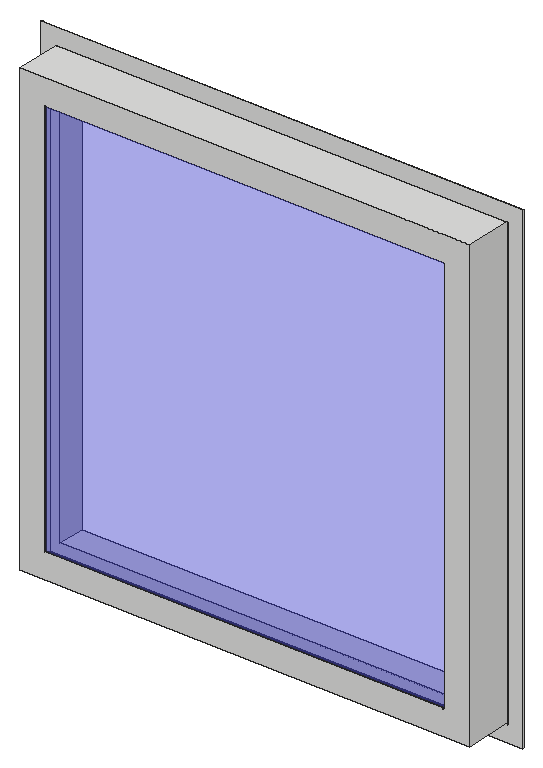
Revit family "Window-All_Weather-Series_6100-Fixed", category Windows, host Wall, Revit 2026
Family settings
  Host = Wall
  Classification Number = 23.30.20.17.11
  Always vertical = Yes
  Cut with Voids When Loaded = No
  Shared = No
  Room Calculation Point = No
Parameters (values of type "Nail On Frame Fixed")
  Wall Thickness [instance] = 0' - 6"
  URL = "https://www.allweatheraa.com"
  Type Comments = "Standard Nail On Frame"  # constant formula
  Rough Width = CD_Width + 0' 0 3/4"  # 3' - 0 3/4"
  Rough Height = CD_Height + 0' 0 3/4"  # 3' - 0 3/4"
  Operation = "Fixed"
  Model = "Fixed"  # constant formula
  Manufacturer = "All Weather Architectural Aluminum"  # constant formula
  Height = CD_Height  # 3' - 0"
  Description = "3 3/4 in Thermally Optimized Window System"  # constant formula
  Default Sill Height = 3' - 0"
  Wall Closure = By host
  Width = CD_Width  # 3' - 0"
  CD_Width Min = 0' - 8"  # constant formula
  CD_Width Max = 4' - 0"  # constant formula
  CD_Width = if(and(CD_Requested Width < CD_Width Max, CD_Requested Width > CD_Width Min), CD_Requested Width, if(or(CD_Requested Width = CD_Width Max, CD_Requested Width > CD_Width Max), CD_Width Max, CD_Width Min))  # 3' - 0"
  CD_Warranty = "https://www.allweatheraa.com/warranties/"
  CD_Vis Mullions Vertical = if(and(CD_Lites Standard Wide < CD_Vis Lites Max, CD_Lites Standard Wide > 2), CD_Lites Standard Wide - 1, if(or(CD_Lites Standard Wide = CD_Vis Lites Max, CD_Lites Standard Wide > CD_Vis Lites Max), CD_Vis Lites Max - 1, 2))  # 2
  CD_Vis Mullions Horizontal = if(and(CD_Lites Standard High < CD_Vis Lites Max, CD_Lites Standard High > 3), CD_Lites Standard High - 1, if(or(CD_Lites Standard High = CD_Vis Lites Max, CD_Lites Standard High > CD_Vis Lites Max), CD_Vis Lites Max - 1, 2))  # 2
  CD_Vis Lites Max = 10  # constant formula
  CD_Vis Jamb Extensions [instance] = and(CD_Jamb Extensions Depth > 0' 0 1/8", CD_Jamb Extension)  # no
  CD_Vis Grille Vertical Single = and(CD_Lites Standard Wide = 2, CD_Grille Standard)  # no
  CD_Vis Grille Vertical Array = and(CD_Lites Standard Wide > 2, CD_Grille Standard)  # no
  CD_Vis Grille Horizontal Array = and(CD_Lites Standard High > 2, CD_Grille Standard)  # no
  CD_Vis Grille Horiontal Single = and(CD_Lites Standard High = 2, CD_Grille Standard)  # no
  CD_Thickness = 0' - 3 25/32"  # constant formula
  CD_Sill Height = 0' - 2"  # constant formula
  CD_Requested Width = 3' - 0"
  CD_Requested Height = 3' - 0"
  CD_Product Page URL = "https://www.allweatheraa.com/product-series-6100/"
  CD_Product Name = "Series 6100"  # constant formula
  CD_Product Documentation Link = "https://www.allweatheraa.com/wp-content/uploads/2021/04/Arch_Manuals/Approved-Series-6100-Architectural-Manual.pdf"
  CD_Offset Mounting = 0' - 0 1/16"  # constant formula
  CD_Offset = 0' - 0"
  CD_Microsite = "https://microsite.caddetails.com/4461"
  CD_Lites Standard Wide = 2
  CD_Lites Standard High = 2
  CD_Jamb Width = 0' - 2"  # constant formula
  CD_Jamb Extensions Depth [instance] = if(CD_Jamb Extensions Calc > 0' 0 1/8", CD_Jamb Extensions Calc, 0' 0 1/8")  # 0' - 2 9/32"
  CD_Jamb Extensions Calc [instance] = Wall Thickness - (CD_Thickness - CD_Offset Mounting) + CD_Offset - CD_Inset  # 0' - 2 9/32"
  CD_Jamb Extension = no
  CD_Inset = 0' - 0"
  CD_Height Min = 0' - 8"  # constant formula
  CD_Height Max = 8' - 0"  # constant formula
  CD_Height = if(and(CD_Requested Height < CD_Height Max, CD_Requested Height > CD_Height Min), CD_Requested Height, if(or(CD_Requested Height = CD_Height Max, CD_Requested Height > CD_Height Max), CD_Height Max, CD_Height Min))  # 3' - 0"
  CD_Head Height = 0' - 2"  # constant formula
  CD_Grille Vertical Offset = ((CD_Grille Horizontal Length - (0' 2" * 2)) / (CD_Vis Mullions Vertical + 1)) + (CD_Grille Size / (CD_Vis Mullions Vertical + 1)) - (CD_Grille Size / 2)  # 0' - 10.13542"
  CD_Grille Vertical Length = CD_Height  # 3' - 0"
  CD_Grille Standard = no
  CD_Grille Size = 0' - 3 3/16"  # constant formula
  CD_Grille Horizontal Offset = ((CD_Grille Vertical Length - (0' 2" * 2)) / (CD_Vis Mullions Horizontal + 1)) + (CD_Grille Size / (CD_Vis Mullions Horizontal + 1)) - (CD_Grille Size / 2)  # 0' - 10.13542"
  CD_Grille Horizontal Length = CD_Width  # 3' - 0"
  CD_Glass Thickness = 0' - 1"  # constant formula
  CD_Glass Offset = 0' - 2 3/8"  # constant formula
  CD_Glass Inset = 0' - 0 229/256"  # constant formula
  CD_Finish Glass = Glass-All_Weather-OA-Insulated_Glass
  CD_Finish = Metal-Aluminum-All_Weather-Anodized-Clear-Class_I
  Assembly Code = "B2020110"
Reference planes (in)
  plane 1 "Center (Front/Back)": y = 0
  plane 2: z = 0
  plane 3 "Center (Left/Right)": x = 0
  plane 4 "Left": x = -18
  plane 5 "Right": x = 18
  plane 6 "Sill": z = 36
  plane 7 "Top": z = 72
  plane 8 "Inset": y = 3
  plane 9 "Nail Fin": y = 3
  plane 10 "Front": y = 3.0625
  plane 11 "Back": y = -0.71875
  plane 12 "Jamb Ext": y = -0.71875
  plane 13 "Glass Front": y = 0.6875
  plane 14 "Glass Back": y = -0.3125
  plane 15 "Glass Left": x = -16.89453
  plane 16 "Inside Left": x = -16
  plane 17 "Glass Right": x = 16.89453
  plane 18 "Inside Right": x = 16
  plane 19 "Glass Bottom": z = 37.10547
  plane 20 "Inside Bottom": z = 38
  plane 21 "Glass Top": z = 70.89453
  plane 22 "Inside Top": z = 70
  plane 23 "Center (Elevation)": z = 54
  plane 24 "Vertical Grille Offset": x = 5.86458
  plane 25 "Vertical Grille Spacing": x = -5.86458
  plane 26 "Horizontal Grille Spacing": z = 59.86458
  plane 27 "Horizontal Grille Offset": z = 48.13542
Forms (in)
  Extrusion 1, solid, material "Glass-All_Weather-OA-Insulated_Glass" <- "CD_Finish Glass", detail levels medium+fine
    sketch origin (0, 0.99806, 36) x (0, -1, 0) y (1, 0, 0)
      loop
        line (0.31056, -16.89453) -> (0.42866, -16.89453) -> (0.42866, 16.89453) -> (0.31056, 16.89453) -> (0.31056, -16.89453)
      loop
        line (1.19243, -16.89453) -> (1.31056, -16.89453) -> (1.31056, 16.89453) -> (1.19243, 16.89453) -> (1.19243, -16.89453)
    from 1.10547 to 34.89453
  Sweep 2, solid, material "Metal-Aluminum-All_Weather-Anodized-Clear-Class_I" <- "CD_Finish", detail levels medium+fine
    path origin (0, 3.0625, 0) x (-1, 0, 0) y (0, 0, 1)
      loop
        line (-18, 36) -> (18, 36) -> (18, 72) -> (-18, 72) -> (-18, 36)
    profile origin (18, 3.0625, 54) x (1, 0, 0) y (0, 1, 0)
      loop
        line (0, -3.78125) -> (0, 0) -> (-1.92177, 0) -> (-1.92177, -2.21058) -> (-1.10549, -2.21058) -> (-1.10549, -3.56474) -> (-1.92123, -3.56474) -> (-1.92123, -3.74191) -> (-1.9998, -3.74191) -> (-1.9998, -3.78125) -> (0, -3.78125)
  Sweep 3, solid, material "Wood-By_Others", visible <- "CD_Vis Jamb Extensions"
    path origin (0, 1.0625, 0) x (-1, 0, 0) y (0, 0, 1)
      loop
        line (-18, 36) -> (18, 36) -> (18, 72) -> (-18, 72) -> (-18, 36)
    profile origin (0, 1.0625, 36) x (0, 0, 1) y (0, 1, 0)
      loop
        line (0, -1.78125) -> (0, -4.0625) -> (0.812, -4.0625) -> (0.812, -1.78125) -> (0, -1.78125)
  Sweep 4, solid, material "Metal-Aluminum-All_Weather-Anodized-Clear-Class_I" <- "CD_Finish", detail levels fine
    path origin (0, 3.0625, 0) x (-1, 0, 0) y (0, 0, 1)
      loop
        line (-18, 72) -> (-18, 36) -> (18, 36) -> (18, 72) -> (-18, 72)
    profile origin (0, 3.0625, 72) x (0, 0, 1) y (0, 1, 0)
      loop
        line (0, 0) -> (0, -0.0625) -> (1.31364, -0.0625) -> (1.31364, 0) -> (0.06224, 0) -> (0.13888, 0.87605) -> (0.33257, 0.87605) -> (0.33257, 0.6568) -> (0.39457, 0.6568) -> (0.39457, 0.93805) -> (0.08207, 0.93805) -> (0, 0)
  Extrusion 5, solid, material "Metal-Aluminum-All_Weather-Anodized-Clear-Class_I" <- "CD_Finish", detail levels coarse
    sketch origin (0, 3.0625, 0) x (-1, 0, 0) y (0, 0, 1)
      loop
        line (-18, 72) -> (-18, 36) -> (18, 36) -> (18, 72) -> (-18, 72)
      loop
        line (-16, 70) -> (-16, 38) -> (16, 38) -> (16, 70) -> (-16, 70)
    from -3.78125 to 0
  Extrusion 6, solid, material "Glass-All_Weather-OA-Insulated_Glass" <- "CD_Finish Glass", detail levels coarse
    sketch origin (0, 0, 36) x (0, -1, 0) y (1, 0, 0)
      loop
        line (0.3125, -16) -> (0.3125, 16) -> (-0.6875, 16) -> (-0.6875, -16) -> (0.3125, -16)
    from 2 to 34
Lines and regions (in)
  Opening 1
    outline origin (-60, -3, 0) x (1, 0, 0) y (0, 0, 1)
      loop
        line (42, 72) -> (42, 36) -> (78, 36) -> (78, 72) -> (42, 72)
  Masking region 1, visible <- "CD_Vis Jamb Extensions"
    outline origin (0, 0, 36) x (0, -1, 0) y (1, 0, 0)
      loop
        line (0.71875, -18) -> (3, -18) -> (3, -17.188) -> (0.71875, -17.188) -> (0.71875, -18)
      loop
        line (0.71875, 18) -> (0.71875, 17.188) -> (3, 17.188) -> (3, 18) -> (0.71875, 18)
  Masking region 2, visible <- "CD_Vis Jamb Extensions"
    outline origin (0, 0, 0) x (0, 1, 0) y (0, 0, 1)
      loop
        line (-3, 72) -> (-3, 71.188) -> (-0.71875, 71.188) -> (-0.71875, 72) -> (-3, 72)
      loop
        line (-3, 36) -> (-0.71875, 36) -> (-0.71875, 36.812) -> (-3, 36.812) -> (-3, 36)
Text (in)
  text "EXTERIOR" at (-58.6888, 50.90694, 0), in view "Ref. Level"
  text "INTERIOR" at (-58.6888, -37.76638, 0), in view "Ref. Level"
  text "Exterior" at (0, 43.65631, 123.19604), in view "Left"
  text "Exterior" at (0, 18.29385, 125.04747), in view "Right"
Dimensions and locks (in)
  equal spacing: plane 4 "Left", plane 3 "Center (Left/Right)", plane 5 "Right"
  "Width": plane 4 "Left" to plane 5 "Right"
  "Height": plane 6 "Sill" to plane 7 "Top"
  "Default Sill Height": plane 2 to plane 6 "Sill"
  "CD_Thickness": plane 10 "Front" to plane 11 "Back"
  "CD_Inset": host wall to plane 8 "Inset"
  "CD_Offset": plane 9 "Nail Fin" to plane 8 "Inset"
  "Wall Thickness": host wall to host wall
  "CD_Jamb Width": plane 4 "Left" to plane 16 "Inside Left"
  "CD_Jamb Width": plane 18 "Inside Right" to plane 5 "Right"
  "CD_Glass Inset": plane 19 "Glass Bottom" to plane 20 "Inside Bottom"
  "CD_Glass Inset": plane 22 "Inside Top" to plane 21 "Glass Top"
  equal spacing: plane 6 "Sill", plane 23 "Center (Elevation)", plane 7 "Top"
  "CD_Jamb Extensions Depth": host wall to plane 12 "Jamb Ext"
  locked: plane 4 "Left" to Masking region 1 sketch curve at 0.812
  locked: Masking region 1 sketch curve to plane 5 "Right" at 0.812
  locked: Masking region 2 sketch curve to plane 7 "Top" at 0.812
  locked: plane 6 "Sill" to Masking region 2 sketch curve at 0.812
  "CD_Glass Thickness": plane 13 "Glass Front" to plane 14 "Glass Back"
  "CD_Grille Vertical Offset": plane 25 "Vertical Grille Spacing" to plane 16 "Inside Left"
  "CD_Grille Vertical Offset": plane 18 "Inside Right" to plane 24 "Vertical Grille Offset"
  "CD_Glass Inset": plane 15 "Glass Left" to plane 16 "Inside Left"
  "CD_Glass Inset": plane 18 "Inside Right" to plane 17 "Glass Right"
  "CD_Grille Horizontal Offset": plane 20 "Inside Bottom" to plane 27 "Horizontal Grille Offset"
  "CD_Grille Horizontal Offset": plane 26 "Horizontal Grille Spacing" to plane 22 "Inside Top"
  "CD_Glass Offset": plane 10 "Front" to plane 13 "Glass Front"
  "CD_Offset Mounting": plane 10 "Front" to plane 9 "Nail Fin"
  locked: plane 6 "Sill" to Sweep 3 sketch curve at 0.812
  "CD_Head Height": plane 7 "Top" to plane 22 "Inside Top"
  "CD_Sill Height": plane 20 "Inside Bottom" to plane 6 "Sill"
  Sweep 2 sketch curve to Sweep 2 sketch curve to Sweep 2 sketch curve to Sweep 2 sketch curve to profile plane to Sweep 2 sketch curve = 0' - 0.03934" locked, 0' - 0.17717" locked, 0' - 1.35416" locked, 0' - 2.21058" locked, 0' - 0" locked
  Sweep 2 sketch curve to Sweep 2 sketch curve to Sweep 2 sketch curve to Sweep 2 sketch curve to Sweep 2 sketch curve to profile plane = 0' - 0.07803" locked, 0' - 0.00054" locked, 0' - 0.81574" locked, 0' - 1.10549" locked, 0' - 0" locked
  Sweep 4 sketch curve to profile plane to Sweep 4 sketch curve to Sweep 4 sketch curve to Sweep 4 sketch curve to Sweep 4 sketch curve to Sweep 4 sketch curve = 0' - 0" locked, 0' - 0.08207" locked, 0' - 0.05681" locked, 0' - 0.19369" locked, 0' - 0.062" locked, 0' - 0.91907" locked
  Sweep 4 sketch curve to Sweep 4 sketch curve to Sweep 4 sketch curve to Sweep 4 sketch curve to Sweep 4 sketch curve to profile plane to Sweep 4 sketch curve = 0' - 0.062" locked, 0' - 0.21925" locked, 0' - 0.6568" locked, 0' - 0" locked, 0' - 0" locked, 0' - 0 1/16" locked
  group 2 to group 1 = 0' - 11.72917"
  group 1 to group 2 = 0' - 0"  (x2)
  nested 2 to Extrusion 5 = 0' - 8.54251"
  nested 5 to Extrusion 5 = 0' - 8.54251"
  group 3 to group 4 = 0' - 0"  (x2)
  group 3 to group 4 = 0' - 11.72917"
  locked: Extrusion 1 sketch curve to plane 14 "Glass Back" at 0.11813
  locked: plane 13 "Glass Front" to Extrusion 1 sketch curve at 0.11809
  aligned and locked: plane 7 "Top" to Opening 1 sketch curve
  aligned and locked: plane 6 "Sill" to Opening 1 sketch curve  (x2)
  aligned and locked: plane 5 "Right" to Opening 1 sketch curve
  aligned and locked: plane 4 "Left" to Opening 1 sketch curve
  aligned and locked: level to plane 2
  aligned and locked: Masking region 1 sketch curve to host wall
  aligned and locked: Masking region 1 sketch curve to plane 4 "Left"
  aligned and locked: Masking region 1 sketch curve to plane 12 "Jamb Ext"
  aligned and locked: host wall to Masking region 1 sketch curve
  aligned and locked: Masking region 1 sketch curve to plane 5 "Right"
  aligned and locked: plane 12 "Jamb Ext" to Masking region 1 sketch curve
  aligned and locked: plane 7 "Top" to Masking region 2 sketch curve
  aligned and locked: Masking region 2 sketch curve to host wall
  aligned and locked: Masking region 2 sketch curve to plane 12 "Jamb Ext"
  aligned and locked: plane 6 "Sill" to Masking region 2 sketch curve
  aligned and locked: host wall to Masking region 2 sketch curve
  aligned and locked: plane 12 "Jamb Ext" to Masking region 2 sketch curve
  aligned and locked: Extrusion 1 to plane 19 "Glass Bottom"
  aligned and locked: plane 21 "Glass Top" to Extrusion 1
  aligned and locked: Sweep 2 sketch curve to plane 4 "Left"
  aligned and locked: Sweep 2 sketch curve to plane 6 "Sill"
  aligned and locked: plane 5 "Right" to Sweep 2 sketch curve
  aligned and locked: plane 4 "Left" to Sweep 3 sketch curve
  aligned and locked: Sweep 3 sketch curve to plane 7 "Top"
  aligned and locked: Sweep 3 sketch curve to plane 5 "Right"
  aligned and locked: plane 6 "Sill" to Sweep 3 sketch curve  (x2)
  aligned and locked: host wall to Sweep 3 sketch curve
  aligned and locked: plane 12 "Jamb Ext" to Sweep 3 sketch curve
  aligned and locked: plane 7 "Top" to Sweep 2 sketch curve
  aligned and locked: Sweep 4 sketch curve to host wall  (x4)
  aligned and locked: Extrusion 5 sketch curve to host wall  (x2)
  aligned and locked: Extrusion 5 sketch curve to plane 4 "Left"
  aligned and locked: Extrusion 5 sketch curve to plane 22 "Inside Top"
  aligned and locked: Extrusion 5 sketch curve to plane 18 "Inside Right"
  aligned and locked: plane 20 "Inside Bottom" to Extrusion 5 sketch curve
  aligned and locked: plane 16 "Inside Left" to Extrusion 5 sketch curve
  aligned and locked: Extrusion 5 to plane 11 "Back"
  aligned and locked: plane 10 "Front" to Extrusion 5
  aligned and locked: nested 1 to plane 3 "Center (Left/Right)"
  aligned and locked: nested 2 to plane 24 "Vertical Grille Offset"
  aligned and locked: plane 27 "Horizontal Grille Offset" to nested 4
  aligned and locked: nested 3 to plane 23 "Center (Elevation)"
  aligned and locked: nested 5 to plane 25 "Vertical Grille Spacing"
  aligned and locked: nested 5 to plane 11 "Back"
  aligned and locked: nested 1 to plane 11 "Back"
  aligned and locked: nested 2 to plane 11 "Back"
  aligned and locked: nested 3 to plane 11 "Back"
  aligned and locked: nested 4 to plane 11 "Back"
  aligned and locked: plane 6 "Sill" to nested 2
  aligned and locked: plane 6 "Sill" to nested 1
  aligned and locked: plane 6 "Sill" to nested 5
  aligned and locked: plane 5 "Right" to nested 4
  aligned and locked: plane 5 "Right" to nested 3
  aligned and locked: plane 5 "Right" to nested 6
  aligned and locked: nested 6 to plane 26 "Horizontal Grille Spacing"
  aligned and locked: nested 6 to plane 10 "Front"
  aligned and locked: Extrusion 1 sketch curve to plane 13 "Glass Front"
  aligned and locked: plane 14 "Glass Back" to Extrusion 1 sketch curve
  aligned and locked: Extrusion 6 sketch curve to plane 16 "Inside Left"
  aligned and locked: plane 13 "Glass Front" to Extrusion 6 sketch curve
  aligned and locked: Extrusion 6 sketch curve to plane 14 "Glass Back"
  aligned and locked: plane 18 "Inside Right" to Extrusion 6 sketch curve
  aligned and locked: Extrusion 5 sketch curve to plane 6 "Sill"
  aligned and locked: plane 22 "Inside Top" to Extrusion 6
  aligned and locked: Extrusion 6 to plane 20 "Inside Bottom"
Automatic sketch dimensions
  Sweep 4 sketch curve to Sweep 4 sketch curve = 0' - 0.01983"
  Extrusion 1 sketch curve to plane 15 "Glass Left" = 0' - 0"  (x2)
  Extrusion 1 sketch curve to plane 17 "Glass Right" = 0' - 0"  (x2)
Nested families (in)
  nested 1: "Nested-Mullion-All_Weather" at (0, 0.40625, 36) x (-1, 0, 0) z (0, 0, 1), visible <- "CD_Vis Grille Vertical Single", type "Vertical Mullion"
  nested 2: "Nested-Mullion-All_Weather" at (5.86458, 0.40625, 36) x (-1, 0, 0) z (0, 0, 1), visible <- "CD_Vis Grille Vertical Array", type "Vertical Mullion"
  nested 3: "Nested-Mullion-All_Weather" at (0, 0.40625, 52.48438) x (-1, 0, 0) z (0, 0, 1), visible <- "CD_Vis Grille Horiontal Single", type "Horizontal Mullion"
  nested 4: "Nested-Mullion-All_Weather" at (0, 0.40625, 46.61979) x (-1, 0, 0) z (0, 0, 1), visible <- "CD_Vis Grille Horizontal Array", type "Horizontal Mullion"
  nested 5: "Nested-Mullion-All_Weather" at (-5.86458, 0.40625, 36) x (-1, 0, 0) z (0, 0, 1), visible <- "CD_Vis Grille Vertical Array", type "Vertical Mullion"
  nested 6: "Nested-Mullion-All_Weather" at (0, 0.40625, 58.34896) x (-1, 0, 0) z (0, 0, 1), visible <- "CD_Vis Grille Horizontal Array", type "Horizontal Mullion"
Definition of nested family "Nested-Mullion-All_Weather"
  Parameters (values of type "Horizontal Mullion")
    Width = 3' - 0"
    Vertical = no
    URL = "https://www.allweatheraa.com/"
    Type Comments = "Mullion"  # constant formula
    Model = "Mullion for All Weather Models"  # constant formula
    Manufacturer = "All Weather Architectural Aluminum "  # constant formula
    Horizontal = yes
    Height = 0' - 3 1/32"
    Glass Thickness = 0' - 1"  # constant formula
    Finish = none
    Description = "For use with All Weather Models Only"  # constant formula
    Depth = 0' - 3 25/32"  # constant formula
    Default Elevation = 4' - 0"
    Assembly Code = "B2020110"
    Analytic Construction = "<None>"
  Types (2): name | Width | Vertical | Horizontal | Height
    Horizontal Mullion | 3' - 0" | no | yes | 0' - 3 1/32"
    Vertical Mullion | 0' - 3 1/32" | yes | no | 3' - 0"
  Reference planes (in)
    plane 1 "Center (Front/Back)": y = 0
    plane 2 "Bottom": z = 0
    plane 3 "Center (Left/Right)": x = 0
    plane 4 "Left": x = -18
    plane 5 "Right": x = 18
    plane 6 "Front": y = -1.125
    plane 7 "Back": y = 2.65625
    plane 8 "Top": z = 3.03125
    plane 9 "Center (Elevation)": z = 1.51563
  Forms (in)
    Extrusion 1, solid, material <- "Finish", visible <- "Vertical", detail levels medium+fine
      sketch origin (15.6875, 0, 0) x (1, 0, 0) y (0, 1, 0)
        loop
          line (-14.09459, -1.125) -> (-14.09459, -1.08463) -> (-14.17365, -1.08463) -> (-14.17365, -0.90633) -> (-15.16774, -0.90633) -> (-15.16774, 0.44523) -> (-14.17365, 0.44523) -> (-14.17365, 2.65625) -> (-17.20135, 2.65625) -> (-17.20135, 0.44523) -> (-16.20726, 0.44523) -> (-16.20726, -0.90633) -> (-17.20135, -0.90633) -> (-17.20135, -1.08463) -> (-17.28041, -1.08463) -> (-17.28041, -1.125) -> (-14.09459, -1.125)
      from 0 to 3.03125
    Extrusion 2, solid, material <- "Finish", visible <- "Horizontal", detail levels medium+fine
      sketch origin (0, 0, 6.42023) x (0, 1, 0) y (0, 0, 1)
        loop
          line (-1.125, -3.31169) -> (-1.125, -6.49751) -> (-1.08463, -6.49751) -> (-1.08463, -6.41845) -> (-0.90633, -6.41845) -> (-0.90633, -5.42436) -> (0.44523, -5.42436) -> (0.44523, -6.41845) -> (2.65625, -6.41845) -> (2.65625, -3.39075) -> (0.44523, -3.39075) -> (0.44523, -4.38485) -> (-0.90633, -4.38485) -> (-0.90633, -3.39075) -> (-1.08463, -3.39075) -> (-1.08463, -3.31169) -> (-1.125, -3.31169)
      from -18 to 18
    Extrusion 3, solid, material <- "Finish", visible <- "Vertical", detail levels coarse
      sketch origin (0, 0, 0) x (1, 0, 0) y (0, 1, 0)
        loop
          line (-18, 2.65695) -> (-18, -1.125) -> (18, -1.125) -> (18, 2.65695) -> (-18, 2.65695)
      from 0 to 3.03125
    Extrusion 4, solid, material <- "Finish", visible <- "Horizontal", detail levels coarse
      sketch origin (0, 0, 0) x (0, 1, 0) y (0, 0, 1)
        loop
          line (-1.125, 3.03125) -> (-1.125, 0) -> (2.65625, 0) -> (2.65625, 3.03125) -> (-1.125, 3.03125)
      from -18 to 18
  Lines and regions (in)
    Masking region 1, detail levels coarse
      outline origin (0, 0, 0) x (0, 1, 0) y (0, 0, 1)
        loop
          line (2.65625, 3.03125) -> (-1.125, 3.03125) -> (-1.125, 0) -> (2.65625, 0) -> (2.65625, 3.03125)
    Masking region 2, detail levels medium+fine
      outline origin (0, 0, 0) x (0, 1, 0) y (0, 0, 1)
        loop
          line (-0.90633, 2.03538) -> (-0.90633, 3.02948) -> (-1.08463, 3.02948) -> (-1.08463, 3.10853) -> (-1.125, 3.10853) -> (-1.125, -0.07728) -> (-1.08463, -0.07728) -> (-1.08463, 0.00177) -> (-0.90633, 0.00177) -> (-0.90633, 0.99587) -> (0.44523, 0.99587) -> (0.44523, 0.00177) -> (2.65625, 0.00177) -> (2.65625, 3.02948) -> (0.44523, 3.02948) -> (0.44523, 2.03538) -> (-0.90633, 2.03538)
  Dimensions and locks (in)
    equal spacing: plane 4 "Left", plane 3 "Center (Left/Right)", plane 5 "Right"
    "Width": plane 4 "Left" to plane 5 "Right"
    "Height": plane 8 "Top" to level
    "Depth": plane 7 "Back" to plane 6 "Front"
    equal spacing: plane 8 "Top", plane 9 "Center (Elevation)", level
    Extrusion 1 sketch curve to Extrusion 1 sketch curve to Extrusion 1 sketch curve to Extrusion 1 sketch curve to plane 3 "Center (Left/Right)" to Extrusion 1 sketch curve to Extrusion 1 sketch curve to Extrusion 1 sketch curve to Extrusion 1 sketch curve = 0' - 0.07906" locked, 0' - 0" locked, 0' - 0.9941" locked, 0' - 0.51976" locked, 0' - 0.51976" locked, 0' - 0.9941" locked, 0' - 0" locked, 0' - 0.07906" locked
    Extrusion 1 sketch curve to Extrusion 1 sketch curve to Extrusion 1 sketch curve to Extrusion 1 sketch curve to Extrusion 1 sketch curve to Extrusion 1 sketch curve to Extrusion 1 sketch curve to plane 6 "Front" = 0' - 0" locked, 0' - 1 45/128" locked, 0' - 0" locked, 0' - 0.1783" locked, 0' - 0" locked, 0' - 0.04037" locked, 0' - 0" locked
    Extrusion 2 sketch curve to Extrusion 2 sketch curve to Extrusion 2 sketch curve to Extrusion 2 sketch curve to Extrusion 2 sketch curve to Extrusion 2 sketch curve to Extrusion 2 sketch curve to plane 6 "Front" = 0' - 0" locked, 0' - 1 45/128" locked, 0' - 0" locked, 0' - 0.1783" locked, 0' - 0" locked, 0' - 0.04037" locked, 0' - 0" locked
    Extrusion 2 sketch curve to Extrusion 2 sketch curve to Extrusion 2 sketch curve to Extrusion 2 sketch curve to plane 9 "Center (Elevation)" to Extrusion 2 sketch curve to Extrusion 2 sketch curve to Extrusion 2 sketch curve to Extrusion 2 sketch curve = 0' - 0.07906" locked, 0' - 0" locked, 0' - 0.9941" locked, 0' - 0.51976" locked, 0' - 0.51976" locked, 0' - 0.9941" locked, 0' - 0" locked, 0' - 0.07906" locked
    Masking region 2 sketch curve to Masking region 2 sketch curve to Masking region 2 sketch curve to Masking region 2 sketch curve to plane 9 "Center (Elevation)" to Masking region 2 sketch curve to Masking region 2 sketch curve to Masking region 2 sketch curve to Masking region 2 sketch curve = 0' - 0.07906" locked, 0' - 0" locked, 0' - 0.9941" locked, 0' - 0.51976" locked, 0' - 0.51976" locked, 0' - 0.9941" locked, 0' - 0" locked, 0' - 0.07906" locked
    Masking region 2 sketch curve to Masking region 2 sketch curve to Masking region 2 sketch curve to Masking region 2 sketch curve to Masking region 2 sketch curve to Masking region 2 sketch curve to Masking region 2 sketch curve to Masking region 2 sketch curve to plane 6 "Front" = 0' - 2.21102" locked, 0' - 0" locked, 0' - 1 45/128" locked, 0' - 0" locked, 0' - 0.1783" locked, 0' - 0" locked, 0' - 0.04037" locked, 0' - 0" locked
    aligned and locked: plane 2 "Bottom" to level
    aligned and locked: plane 8 "Top" to Extrusion 1
    aligned and locked: plane 4 "Left" to Extrusion 2
    aligned and locked: plane 5 "Right" to Extrusion 2
    aligned and locked: plane 8 "Top" to Extrusion 3
    aligned and locked: Extrusion 3 to level
    aligned and locked: plane 5 "Right" to Extrusion 4
    aligned and locked: plane 4 "Left" to Extrusion 4
    aligned and locked: plane 8 "Top" to Extrusion 4 sketch curve
    aligned and locked: Extrusion 4 sketch curve to level
    aligned and locked: Extrusion 4 sketch curve to plane 6 "Front"
    aligned and locked: plane 7 "Back" to Extrusion 4 sketch curve
    aligned and locked: plane 7 "Back" to Extrusion 1 sketch curve
    aligned and locked: plane 7 "Back" to Extrusion 2 sketch curve
    aligned and locked: Masking region 1 sketch curve to plane 8 "Top"
    aligned and locked: Masking region 1 sketch curve to plane 7 "Back"
    aligned and locked: plane 6 "Front" to Masking region 1 sketch curve
    aligned and locked: level to Masking region 1 sketch curve
  Automatic sketch dimensions
    Extrusion 3 sketch curve to plane 6 "Front" = 0' - 0"
    Extrusion 3 sketch curve to plane 4 "Left" = 0' - 0"
    Extrusion 3 sketch curve to plane 5 "Right" = 0' - 0"
    plane 7 "Back" to Extrusion 3 sketch curve = 0' - 0.0007"
